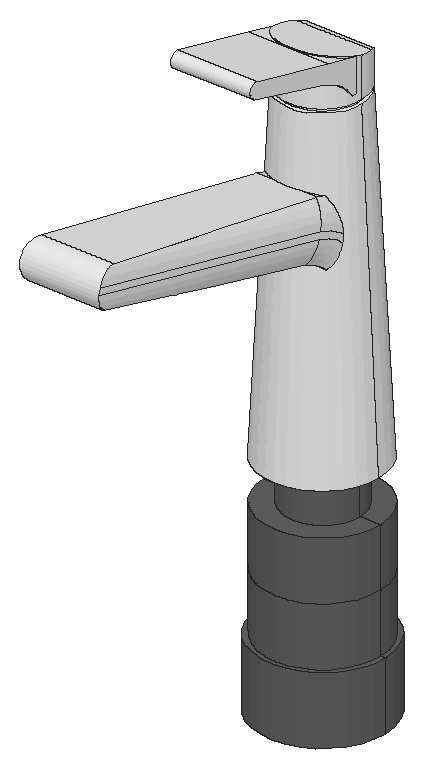
Revit family "KR1195551_Grifería Lavamanos Monocontrol Koral Alta Niquel", category Plumbing Fixtures, Revit 2019
Family settings
  Round Connector Dimension = Use Diameter
  Part Type = Normal
  OmniClass Number = 23.31.11.00
  OmniClass Title = Faucets
  Work Plane-Based = No
  Always vertical = Yes
  Cut with Voids When Loaded = No
  Shared = No
  Room Calculation Point = No
Parameters
  Vida útil = "500.000 ciclos."  # constant formula
  Uso = "Residencial"  # constant formula
  URL = "https://corona.co/productos/griferias/griferia-para-lavamanos-koral/p/KR1195551"
  Tipo de manija/accionamiento = "Palanca"  # constant formula
  Tipo de Grifería = "Monocontrol"  # constant formula
  Tipo de Chorro = "Espumoso"  # constant formula
  Temperaturas mínima de trabajo = "5°C / 41 °F"  # constant formula
  Temperaturas máxima de trabajo = "71°C / 159,8°F"  # constant formula
  Tecnologías = "DuraCrome EcoStream ThermoControl"  # constant formula
  Sistema de accionamiento = "Palanca monocontrol"  # constant formula
  Resistencia = "Resistente a la corrosión pelado y decoloración por agua"  # constant formula
  Productos compatibles = "Lavamanos de mesón integrado, Lavamanos para sobreponer, Lavamanos para incrustar\r\nLavamanos de pedestal, Lavamanos de semipedestal,Lavamanos de colgar"  # constant formula
  Presión mínima recomendada = "20 psi (140 Kpa)"  # constant formula
  Presión máxima recomendada = "125 psi (860 Kpa)"  # constant formula
  Peso neto = "1.320 g. - 2,91 lb."  # constant formula
  Peso  Bruto = "1.480 g. - 3,26 lb."  # constant formula
  Material = "Metálico"  # constant formula
  Longitud = 181 mm
  Linea = "Liquid"  # constant formula
  Incluye = "Cuerpo, Manija"  # constant formula
  Garantías de otros componentes = "5 años en acabados"  # constant formula
  Garantía = "30 años en estructura"  # constant formula
  Fecha de creación = "09/10/2020"  # constant formula
  Description = "La línea de griferías, duchas y accesorios Liquid se inspira en la tensión superficial del agua y en cómo esta crea formas armoniosas adaptándose al ambiente. Al igual que el agua, las superficies de las griferías Liquid juegan con la luz y los reflejos que fluyen alrededorde sus formas, sus líneas continuas y simplicidad formal proporcionan la ventaja práctica y limpieza sin esfuerzo.\r\nIncluye la tecnología Ecostream, de ahorro de agua; y la tecnología ThermoControl, de control más preciso de la temperatura.\r\nIncluye apertura con accionamiento central en frío que evita el encendido automático de calentadores y calderas ahorrando energía; además, es de fácil limpieza gracias al diseño que evita la acumulación de impurezas, es resistente a la corrosión, pelado y decoloración por agua y tiene recubrimientos no tóxicos."  # constant formula
  Creado por = "IDD"  # constant formula
  Consumo de agua = "5.7 lt"  # constant formula
  Colección = "Liquid"  # constant formula
  Capacidad de flujo = "60 psi: 4,86 L/min."  # constant formula
  Ancho = 54 mm
  Altura de la grifería = "Media"  # constant formula
  Alto = 192 mm
  Acabado = Corona_Niquel
Reference planes
  plane 1 "Center (Front/Back)": y = 0
  plane 2: z = 0
  plane 3 "Center (Left/Right)": x = 0
Forms (mm)
  Revolve 1, solid, material "Corona_Acero_Negro Mate", detail levels medium+fine
    sketch origin (0, 0, 0) x (1, 0, 0) y (0, 0, 1)
      loop
        line (17.442, 0) -> (0, 0) -> (0, -21.393) -> (17.442, -21.393) -> (17.442, 0)
      axis (0, 0) -> (0, -21.393)
    angle from 0 to 360
  Revolve 2, solid, material "Corona_Acero_Negro Mate", detail levels medium+fine
    sketch origin (0, 0, 0) x (1, 0, 0) y (0, 0, 1)
      loop
        line (17.442, -19.243) -> (17.442, -21.393) -> (0, -21.393) -> (0, -46.743) -> (27.248, -46.743) -> (27.248, -19.243) -> (17.442, -19.243)
      axis (0, -19.243) -> (0, -46.743)
    angle from 0 to 360
  Revolve 3, solid, material "Corona_Acero_Negro Mate", detail levels medium+fine
    sketch origin (0, 0, 0) x (1, 0, 0) y (0, 0, 1)
      loop
        line (27.248, -46.743) -> (0, -46.743) -> (0, -105.915) -> (29.634, -105.915) -> (29.634, -74.243) -> (27.248, -74.243) -> (27.248, -46.743)
      axis (0, -46.743) -> (0, -105.915)
    angle from 0 to 360
  Blend 4, solid, material "Corona_Niquel" <- "Acabado", detail levels medium+fine
    base sketch origin (-0.443, 0.017, 0) x (-0.999956, 0.009361, 0) y (-0.009361, -0.999956, 0)
      loop
        circle (0, 0) r 27
    top sketch origin (-0.443, 0.017, 0) x (-0.999956, 0.009361, 0) y (-0.009361, -0.999956, 0)
      loop
        circle (0, 0) r 19
    from 0 to 153.7
  Extrusion 5, solid, material "Corona_Niquel" <- "Acabado", detail levels medium+fine
    sketch origin (-0.443, 0.017, 153.7) x (-0.999956, 0.009361, 0) y (-0.009361, -0.999956, 0)
      loop
        circle (0, 0) r 17
    from 0 to 2
  Extrusion 6, solid, material "Corona_Niquel" <- "Acabado", detail levels medium+fine
    sketch origin (-0.443, 0.017, 155.7) x (-0.999956, 0.009361, 0) y (-0.009361, -0.999956, 0)
      loop
        circle (0, 0) r 19
    from 0 to 31.914
  Extrusion 7, void
    sketch origin (-0.443, 0.017, -61.3) x (-0.009361, -0.999956, 0) y (0, 0, 1)
      loop
        line (-19.012, 217) -> (-19.012, 219.18)
        arc (-19.012, 219.18) -> (-15.816, 228.452) -> (-7.586, 233.786) r 15.048
        line (-7.586, 233.786) -> (21.48, 240.992) -> (21.48, 255.992) -> (-21.355, 255.992) -> (-21.355, 217) -> (-19.012, 217)
    from -22.215 to 21.621
  Sweep 8, solid, material "Corona_Niquel" <- "Acabado", detail levels medium+fine
    path origin (-0.443, 0.017, -61.3) x (-0.009361, -0.999956, 0) y (0, 0, 1)
      loop
        line (152.333, 202.328) -> (24.257, 170.395)
        arc (24.257, 170.395) -> (6.783, 159.048) -> (0, 139.347) r 31.999
    profile origin (-1.27, -88.274, 125.062) x (-0.002265, -0.241911, -0.970296) y (-0.999956, 0.009361, 0)
      loop
        line (-1.496, -18.68) -> (1.496, -18.68)
        arc (1.496, -18.68) -> (14.224, -13.408) -> (19.496, -0.68) r 18
        line (19.496, -0.68) -> (19.496, 0.68)
        arc (19.496, 0.68) -> (14.224, 13.408) -> (1.496, 18.68) r 18
        line (1.496, 18.68) -> (-1.496, 18.68)
        arc (-1.496, 18.68) -> (-14.224, 13.408) -> (-19.496, 0.68) r 18
        line (-19.496, 0.68) -> (-19.496, -0.68)
        arc (-19.496, -0.68) -> (-14.224, -13.408) -> (-1.496, -18.68) r 18
  Extrusion 9, void
    sketch origin (-0.443, 0.017, -61.3) x (-0.009361, -0.999956, 0) y (0, 0, 1)
      loop
        arc (20.185, 183.151) -> (-1.739, 169.216) -> (-9.196, 144.332) r 37.194
        line (-9.196, 144.332) -> (10.055, 144.332)
        arc (10.055, 144.332) -> (18.924, 153.564) -> (30.446, 159.142) r 36.283
        line (30.446, 159.142) -> (145.274, 191.353)
        arc (145.274, 191.353) -> (150.977, 202.312) -> (140.407, 208.705) r 9.029
        line (140.407, 208.705) -> (20.185, 183.151)
      loop
        line (-31.284, 201.831) -> (-29.334, 112.043) -> (227.02, 179.181) -> (203.497, 263.32) -> (-31.284, 201.831)
    from -47.169 to 45.809
  Extrusion 10, solid, material "Corona_Niquel" <- "Acabado", detail levels medium+fine
    sketch origin (-0.443, 0.017, -61.3) x (-0.009361, -0.999956, 0) y (0, 0, 1)
      loop
        line (18.929, 240.068) -> (0, 235.348) -> (0, 220.637) -> (5, 220.637)
        arc (5, 220.637) -> (12.232, 227.743) -> (21.383, 232.108) r 30.716
        line (21.383, 232.108) -> (61.553, 243.627)
        arc (61.553, 243.627) -> (64.051, 247.784) -> (59.894, 250.281) r 3.429
        line (59.894, 250.281) -> (18.929, 240.068)
    from -18.68 to 18.68
  Revolve 11, solid, material "Corona_Niquel" <- "Acabado", detail levels medium+fine
    sketch origin (-0.443, 0.017, -61.3) x (-0.009361, -0.999956, 0) y (0, 0, 1)
      loop
        line (16.924, 226.502) -> (20.694, 226.502) -> (20.694, 229.502) -> (16.924, 229.502) -> (16.924, 226.502)
      axis (20.694, 226.502) -> (16.924, 226.502)
    angle from 0 to 360
  Sweep 12, solid, material "Corona_Niquel" <- "Acabado", detail levels medium+fine
    path origin (-0.985, -13.277, -112.097) x (-0.999956, 0.009361, 0) y (-0.009042, -0.965883, 0.258819)
      loop
        circle (0, 165.01) r 12
    profile origin (-2.585, -184.248, -66.283) x (0.009042, 0.965883, -0.258819) y (0.002423, 0.258808, 0.965926)
      loop
        line (-0.963, 200.526) -> (-0.963, 197.441)
        arc (-0.963, 197.441) -> (0, 196.478) -> (0.963, 197.441) r 0.963
        line (0.963, 197.441) -> (0.963, 199.986) -> (-0.963, 200.526)
Cuts and joins
  Extrusion 7 cuts Extrusion 6
  Extrusion 9 cuts Sweep 8
  Extrusion 9 cuts Sweep 12
Dimensions and locks
  aligned and locked: level to plane 2
  aligned and locked: nested 3 to nested 4
  aligned and locked: nested 4 to nested 1
Nested families
  nested 1: "Right" at (0, 0, 0) x (0, -1, 0) z (1, 0, 0), type "Right"
  nested 2: "Family2" at (0, 0, 0) x (1, 0, 0) z (0, -1, 0), type "Family2"
  nested 3: "Family1" at (0, 0, 0), type "Family1"
  nested 4: "Visualizacion Baja" at (0, -151.388, -105.915), type "Visualizacion Baja", detail levels coarse
    with Width 54 mm, Height 297.5 mm, Depth 181 mm, Base Height 0 mm
Connectors
  piping at (0, 0, 0), diameter 25.4
    settings: on Revolve 1, index 1, connector inside diameter 609.6 mm, connector length 0 mm, flow factor 0, pipe flow 0.0 L/s, pressure drop 0.0 Pa, fitting loss kfactor 0, connector angle 0.00°, fixture units 0, engagement length 0 mm, angle of deflection 0.00°, flow configuration 0, flow direction 0, fitting loss method 0, system type 7, joint type 0, gender type 0, connector reference index -1, connector utility 0, adjustable connector no, is connector primary yes, connector description ""
  piping at (0, 0, 0), diameter 25.4
    settings: on Revolve 1, index 2, connector inside diameter 609.6 mm, connector length 0 mm, flow factor 0, pipe flow 0.0 L/s, pressure drop 0.0 Pa, fitting loss kfactor 0, connector angle 0.00°, fixture units 0, engagement length 0 mm, angle of deflection 0.00°, flow configuration 0, flow direction 0, fitting loss method 0, system type 7, joint type 0, gender type 0, connector reference index -1, connector utility 0, adjustable connector no, is connector primary no, connector description ""
Definition of nested family "Visualizacion Baja"
  Parameters (values of type "Visualizacion Baja")
    Width = 350 mm
    Height = 350 mm
    Depth = 350 mm
    Base Height = 900 mm
    BIMBAU_Material = none
  Reference planes
    plane 1 "Center (Front/Back)": y = 0
    plane 2: z = 0
    plane 3 "Center (Left/Right)": x = 0
    plane 4: x = -175
    plane 5: x = 175
    plane 6: z = 1250
    plane 7: z = 900
    plane 8: y = 350
    plane 9: y = 175
  Forms (mm)
    Extrusion 1, solid, material <- "BIMBAU_Material"
      sketch origin (0, 0, 0) x (1, 0, 0) y (0, 0, 1)
        loop
          line (-175, 1250) -> (-175, 900) -> (175, 900) -> (175, 1250) -> (-175, 1250)
      from 0 to -350
  Dimensions and locks
    "Height": plane 6 to plane 7
    equal spacing: plane 5, plane 3 "Center (Left/Right)", plane 4
    "Width": plane 5 to plane 4
    "Depth": plane 8 to plane 1 "Center (Front/Back)"
    "Base Height": plane 7 to level
    equal spacing: plane 1 "Center (Front/Back)", plane 9, plane 8
    aligned and locked: level to plane 2
    aligned and locked: Extrusion 1 sketch curve to plane 6
    aligned and locked: Extrusion 1 sketch curve to plane 5
    aligned and locked: plane 7 to Extrusion 1 sketch curve
    aligned and locked: plane 4 to Extrusion 1 sketch curve
    aligned and locked: Extrusion 1 to plane 8
Definition of nested family "Right"
  Reference planes
    plane 1 "Center (Front/Back)": y = 0
    plane 2: z = 0
    plane 3 "Center (Left/Right)": x = 0
  Lines and regions (mm)
    model lines, in view "Ref. Level"
      curve 1: line (-24.777, 0, 0) -> (24.683, 0, 0)
      curve 2: line (24.683, 0, 0) -> (21.179, 94.173, 0)
      curve 3: spline (144.977, 130.33, 0) -> (135.417, 127.648, 0) -> (125.858, 124.966, 0) -> (116.298, 122.283, 0) -> (106.739, 119.601, 0) -> (97.18, 116.919, 0) -> (87.622, 114.237, 0) -> (78.063, 111.556, 0) -> (68.505, 108.874, 0) -> (58.946, 106.192, 0) -> (49.388, 103.51, 0) -> (39.831, 100.828, 0) -> (30.273, 98.146, 0)
      curve 4: spline (30.273, 98.146, 0) -> (29.468, 97.91, 0) -> (28.669, 97.656, 0) -> (27.877, 97.384, 0) -> (27.093, 97.095, 0) -> (26.318, 96.788, 0) -> (25.551, 96.463, 0) -> (24.794, 96.122, 0) -> (24.048, 95.764, 0) -> (23.313, 95.39, 0) -> (22.589, 95, 0) -> (21.877, 94.594, 0) -> (21.179, 94.173, 0)
      curve 5: line (151.442, 138.796, 0) -> (144.977, 130.33, 0)
      curve 6: spline (150.684, 141.692, 0) -> (150.791, 141.465, 0) -> (150.89, 141.234, 0) -> (150.982, 141, 0) -> (151.065, 140.763, 0) -> (151.141, 140.524, 0) -> (151.209, 140.282, 0) -> (151.268, 140.038, 0) -> (151.32, 139.792, 0) -> (151.363, 139.545, 0) -> (151.397, 139.296, 0) -> (151.424, 139.047, 0) -> (151.442, 138.796, 0)
      curve 7: line (138.89, 147.428, 0) -> (150.684, 141.692, 0)
      curve 8: spline (20.065, 122.164, 0) -> (29.965, 124.269, 0) -> (39.865, 126.374, 0) -> (49.766, 128.479, 0) -> (59.668, 130.584, 0) -> (69.569, 132.689, 0) -> (79.471, 134.795, 0) -> (89.374, 136.9, 0) -> (99.276, 139.005, 0) -> (109.179, 141.111, 0) -> (119.083, 143.216, 0) -> (128.987, 145.322, 0) -> (138.89, 147.428, 0)
      curve 9: line (-19.047, 154, 0) -> (18.953, 154, 0)
      curve 10: spline (20.646, 168.502, 0) -> (20.639, 168.399, 0) -> (20.632, 168.1, 0) -> (20.626, 167.623, 0) -> (20.622, 167.002, 0) -> (20.619, 166.278, 0) -> (20.618, 165.502, 0) -> (20.619, 164.725, 0) -> (20.622, 164.002, 0) -> (20.626, 163.38, 0) -> (20.632, 162.903, 0) -> (20.639, 162.604, 0) -> (20.646, 162.502, 0)
      curve 11: line (-24.777, 0, 0) -> (-19.047, 154, 0)
      curve 12: line (-17.06, 156, 0) -> (-17.06, 154, 0)
      curve 13: line (16.887, 156, 0) -> (16.887, 154, 0)
      curve 14: line (18.953, 154, 0) -> (20.065, 122.164, 0)
      curve 15: line (108.692, 120.149, 0) -> (109.434, 117.38, 0)
      curve 16: line (109.434, 117.38, 0) -> (134.82, 124.182, 0)
      curve 17: line (134.82, 124.182, 0) -> (133.944, 127.45, 0)
      curve 18: line (18.953, 156, 0) -> (18.953, 162.502, 0)
      curve 19: line (18.953, 162.502, 0) -> (20.646, 162.502, 0)
      curve 20: line (18.953, 162.502, 0) -> (20.646, 162.502, 0)
      curve 21: line (20.646, 162.502, 0) -> (20.646, 168.502, 0)
      curve 22: line (20.646, 168.502, 0) -> (18.953, 168.502, 0)
      curve 23: line (18.953, 168.502, 0) -> (18.953, 170.475, 0)
      curve 24: line (18.953, 170.475, 0) -> (69.274, 184.905, 0)
      curve 25: line (67.385, 191.494, 0) -> (-7.551, 172.849, 0)
      curve 26: arc (-19.047, 156, 0) -> (-16.509, 166.615, 0) -> (-7.551, 172.849, 0) r 15.325
      curve 27: arc (67.385, 191.494, 0) -> (71.509, 189.111, 0) -> (69.274, 184.905, 0) r 3.429
      curve 28: line (-19.047, 156, 0) -> (18.953, 156, 0)
      curve 45: line (17.465, -21.393, 0) -> (-17.419, -21.393, 0)
      curve 46: line (27.271, -19.243, 0) -> (17.271, -19.243, 0)
      curve 47: line (27.271, -46.743, 0) -> (27.271, -19.243, 0)
      curve 48: line (-27.225, -46.743, 0) -> (27.271, -46.743, 0)
      curve 49: line (-27.225, -19.243, 0) -> (-27.225, -46.743, 0)
      curve 50: line (-17.419, -19.243, 0) -> (-27.225, -19.243, 0)
      curve 51: line (-27.225, -74.243, 0) -> (-27.225, -46.743, 0)
      curve 52: line (27.271, -46.743, 0) -> (27.271, -74.243, 0)
      curve 53: line (-29.612, -74.243, 0) -> (29.657, -74.243, 0)
      curve 54: line (-29.612, -105.915, 0) -> (-29.612, -74.243, 0)
      curve 55: line (29.657, -74.243, 0) -> (29.657, -105.915, 0)
      curve 56: line (29.657, -105.915, 0) -> (-29.612, -105.915, 0)
    detail lines, in view "Ref. Level"
      curve 29: line (0, -361.43, -21.393) -> (0, -361.43, 0)
      curve 30: line (0, -396.314, -21.393) -> (0, -361.43, -21.393)
      curve 31: line (0, -396.314, 0) -> (0, -396.314, -21.393)
      curve 32: line (0, -361.43, -19.243) -> (0, -351.624, -19.243)
      curve 33: line (0, -351.624, -19.243) -> (0, -351.624, -46.743)
      curve 34: line (0, -351.624, -46.743) -> (0, -406.12, -46.743)
      curve 35: line (0, -406.12, -46.743) -> (0, -406.12, -19.243)
      curve 36: line (0, -406.12, -19.243) -> (0, -396.12, -19.243)
      curve 37: line (0, -351.624, -46.743) -> (0, -406.12, -46.743)
      curve 38: line (0, -351.624, -74.243) -> (0, -351.624, -46.743)
      curve 39: line (0, -406.12, -74.243) -> (0, -351.624, -74.243)
      curve 40: line (0, -406.12, -46.743) -> (0, -406.12, -74.243)
      curve 41: line (0, -349.238, -74.243) -> (0, -408.506, -74.243)
      curve 42: line (0, -349.238, -105.915) -> (0, -349.238, -74.243)
      curve 43: line (0, -408.506, -105.915) -> (0, -349.238, -105.915)
      curve 44: line (0, -408.506, -74.243) -> (0, -408.506, -105.915)
      curve 57: line (-17.419, -21.393, 0) -> (-17.419, 0, 0)
      curve 58: line (17.465, -21.393, 0) -> (17.465, 0, 0)
Definition of nested family "Family2"
  Reference planes
    plane 1 "Center (Front/Back)": y = 0
    plane 2: z = 0
    plane 3 "Center (Left/Right)": x = 0
  Lines and regions (mm)
    detail lines, in view "Ref. Level"
      curve 1: line (-26.83, 0, 0) -> (26.83, 0, 0)
      curve 2: line (26.83, 0, 0) -> (22.913, 180.304, 0)
      curve 3: line (-26.83, 0, 0) -> (-22.913, 180.304, 0)
      curve 4: arc (-22.913, 180.304, 0) -> (0, 191.585, 0) -> (22.913, 180.304, 0) r 28.911
      curve 5: arc (24.137, 123.982, 0) -> (0, 137.673, 0) -> (-24.137, 123.982, 0) r 28.122
      curve 6: line (23.646, 146.593, 0) -> (-23.646, 146.593, 0)
      curve 7: line (-23.71, 143.646, 0) -> (23.71, 143.646, 0)
      curve 8: spline (0, 106.373, 0) -> (3.418, 106.543, 0) -> (6.603, 107.042, 0) -> (9.339, 107.837, 0) -> (11.437, 108.873, 0) -> (12.757, 110.079, 0) -> (13.207, 111.373, 0) -> (12.757, 112.667, 0) -> (11.437, 113.873, 0) -> (9.339, 114.908, 0) -> (6.603, 115.703, 0) -> (3.418, 116.202, 0) -> (0, 116.373, 0) -> (-3.418, 116.202, 0) -> (-6.603, 115.703, 0) -> (-9.339, 114.908, 0) -> (-11.437, 113.873, 0) -> (-12.757, 112.667, 0) -> (-13.207, 111.373, 0) -> (-12.757, 110.079, 0) -> (-11.437, 108.873, 0) -> (-9.339, 107.837, 0) -> (-6.603, 107.042, 0) -> (-3.418, 106.543, 0) -> (0, 106.373, 0)
      curve 9: spline (0, 108.074, 0) -> (2.173, 108.155, 0) -> (4.199, 108.391, 0) -> (5.938, 108.766, 0) -> (7.272, 109.254, 0) -> (8.111, 109.823, 0) -> (8.397, 110.434, 0) -> (8.111, 111.044, 0) -> (7.272, 111.614, 0) -> (5.938, 112.102, 0) -> (4.199, 112.477, 0) -> (2.173, 112.713, 0) -> (0, 112.793, 0) -> (-2.173, 112.713, 0) -> (-4.199, 112.477, 0) -> (-5.938, 112.102, 0) -> (-7.272, 111.614, 0) -> (-8.111, 111.044, 0) -> (-8.397, 110.434, 0) -> (-8.111, 109.823, 0) -> (-7.272, 109.254, 0) -> (-5.938, 108.766, 0) -> (-4.199, 108.391, 0) -> (-2.173, 108.155, 0) -> (0, 108.074, 0)
      curve 10: line (-17.558, 0, 0) -> (-17.558, -21.393, 0)
      curve 11: line (-17.558, -21.393, 0) -> (17.442, -21.393, 0)
      curve 12: line (17.442, -21.393, 0) -> (17.442, 0, 0)
      curve 13: line (-17.558, -19.243, 0) -> (-27.248, -19.243, 0)
      curve 14: line (-27.248, -19.243, 0) -> (-27.248, -74.243, 0)
      curve 15: line (-27.248, -74.243, 0) -> (-28.443, -74.243, 0)
      curve 16: line (-28.443, -74.243, 0) -> (-29.634, -74.243, 0)
      curve 17: line (-29.634, -74.243, 0) -> (-29.634, -105.915, 0)
      curve 18: line (-29.634, -105.915, 0) -> (0, -105.915, 0)
      curve 19: line (17.442, -21.393, 0) -> (-17.558, -21.393, 0)
      curve 20: line (17.442, -19.243, 0) -> (27.248, -19.243, 0)
      curve 21: line (27.248, -19.243, 0) -> (27.248, -74.243, 0)
      curve 22: line (27.248, -74.243, 0) -> (28.443, -74.243, 0)
      curve 23: line (28.443, -74.243, 0) -> (29.634, -74.243, 0)
      curve 24: line (29.634, -74.243, 0) -> (29.634, -105.915, 0)
      curve 25: line (29.634, -105.915, 0) -> (0, -105.915, 0)
      curve 26: line (-27.248, -46.743, 0) -> (27.248, -46.743, 0)
      curve 27: line (-28.443, -74.243, 0) -> (27.248, -74.243, 0)
Definition of nested family "Family1"
  Reference planes
    plane 1 "Center (Front/Back)": y = 0
    plane 2: z = 0
    plane 3 "Center (Left/Right)": x = 0
  Lines and regions (mm)
    model lines, in view "Ref. Level"
      curve 1: arc (17.943, -23.6, 0) -> (26.499, -13.192, 0) -> (29.562, -0.071, 0) r 29.634
      curve 2: arc (29.562, -0.071, 0) -> (-12.424, 26.867, 0) -> (-19.409, -22.527, 0) r 29.634
      curve 3: arc (27.176, -0.071, 0) -> (-10.474, 25.114, 0) -> (-19.379, -19.299, 0) r 27.248
      curve 4: arc (17.972, -20.488, 0) -> (24.769, -11.269, 0) -> (27.176, -0.071, 0) r 27.248
      curve 5: arc (18.132, -3.463, 0) -> (1.404, 19.085, 0) -> (-19.515, 0.36, 0) r 19
      curve 6: line (17.492, -71.846, 0) -> (18.132, -3.463, 0)
      curve 7: line (-19.227, -3.113, 0) -> (-19.871, -71.846, 0)
      curve 8: arc (-19.515, 0.36, 0) -> (-19.451, -1.383, 0) -> (-19.227, -3.113, 0) r 19
      curve 9: line (16.33, -151.449, 0) -> (16.33, -71.846, 0)
      curve 10: line (-1.771, -71.846, 0) -> (17.492, -71.846, 0)
      curve 11: line (-18.709, -151.121, 0) -> (16.33, -151.449, 0)
      curve 12: line (-1.771, -71.846, 0) -> (-19.871, -71.846, 0)
      curve 13: line (-18.709, -71.846, 0) -> (-18.709, -151.121, 0)
